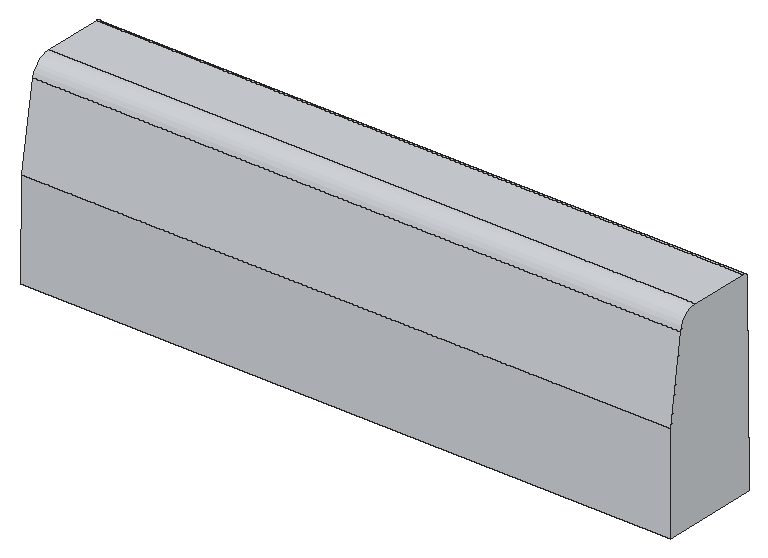
Revit family "Бордюр БР 100-30-15 150х300х1000L", category Обобщенные модели, Revit 2023
Family settings
  Может служить основой для арматурных стержней = Нет
  Размер круглого соединителя = Использовать диаметр
  Тип детали = Нормальный
  На основе рабочей плоскости = Нет
  Всегда вертикально = Нет
  При загрузке вырезать с полостями = Нет
  Сохранять ориентацию аннотаций = Нет
  Общий = Нет
  Точка принадлежности помещению = Нет
Parameters (values of type "Бордюр БР 100-30-15 150х300х1000L")
  Ширина по верху = 118 mm
  Фаска = 150 mm
  Скос = 2 mm
  Отметка по умолчанию = 0 mm
  R2 = 30 mm
  R1 = 6 mm
  ADSK_Размер_Ширина = 150 mm
  ADSK_Размер_Длина = 1000 mm
  ADSK_Размер_Высота = 300 mm
Reference planes
  plane 1 "По центру (Вперед/Назад)": y = 0
  plane 2: z = 0
  plane 3 "По центру (Влево/Вправо)": x = 0
  plane 4: y = -75
  plane 5: y = 75
  plane 6: z = 300
  plane 7: x = 500
  plane 8: x = -500
  plane 9: y = -73
  plane 10: y = -43
  plane 11: z = 150
  plane 12: x = -498
  plane 13: x = 498
Forms (mm)
  Extrusion 1, solid
    sketch origin (0, 0, 0) x (0, 1, 0) y (0, 0, 1)
      loop
        line (75, 0) -> (75, 294)
        arc (75, 294) -> (73.243, 298.243) -> (69, 300) r 6
        line (69, 300) -> (-23.038, 300)
        arc (-23.038, 300) -> (-42.469, 292.856) -> (-52.647, 274.828) r 30
        line (-52.647, 274.828) -> (-73, 150) -> (-75, 0) -> (75, 0)
    from -500 to 500
  Extrusion 2, void
    sketch origin (0, 0, 0) x (1, 0, 0) y (0, 0, 1)
      loop
        line (-500, 300) -> (-500, 0) -> (-498, 300) -> (-500, 300)
      loop
        line (500, 300) -> (498, 300) -> (500, 0) -> (500, 300)
    from -75 to 75
Cuts and joins
  Extrusion 2 cuts Extrusion 1
Dimensions and locks
  equal spacing: plane 4, plane 1 "По центру (Вперед/Назад)", plane 5
  "ADSK_Размер_Ширина": plane 4 to plane 5
  equal spacing: plane 8, plane 3 "По центру (Влево/Вправо)", plane 7
  "ADSK_Размер_Длина": plane 8 to plane 7
  "ADSK_Размер_Высота": plane 6 to plane 2
  "Скос": plane 9 to plane 4
  "Ширина по верху": plane 5 to plane 10
  "Фаска": plane 6 to plane 11
  "Скос": plane 8 to plane 12
  "Скос": plane 13 to plane 7
  "R1": radius of Extrusion 1 sketch curve
  "R2": radius of Extrusion 1 sketch curve
  aligned and locked: level to plane 2
  aligned and locked: level to Extrusion 1 sketch curve
  aligned and locked: plane 5 to Extrusion 1 sketch curve
  aligned and locked: Extrusion 1 sketch curve to plane 6
  aligned and locked: Extrusion 1 to plane 8
  aligned and locked: plane 7 to Extrusion 1
  aligned and locked: cut or joined group of Extrusion 1, Extrusion 2 to plane 5
  aligned and locked: plane 4 to cut or joined group of Extrusion 1, Extrusion 2
  aligned and locked: plane 4 to Extrusion 2
Automatic sketch dimensions
  Extrusion 1 sketch curve to plane 4 = 0 mm
  Extrusion 1 sketch curve to plane 9 = 0 mm
  Extrusion 1 sketch curve to plane 11 = 0 mm
  plane 10 to Extrusion 1 sketch curve = 9.647 mm
  Extrusion 2 sketch curve to plane 6 = 0 mm  (x2)
  Extrusion 2 sketch curve to plane 8 = 0 mm
  Extrusion 2 sketch curve to plane 12 = 0 mm
  Extrusion 2 sketch curve to plane 13 = 0 mm
  Extrusion 2 sketch curve to level = 0 mm  (x2)
  Extrusion 2 sketch curve to plane 7 = 0 mm
